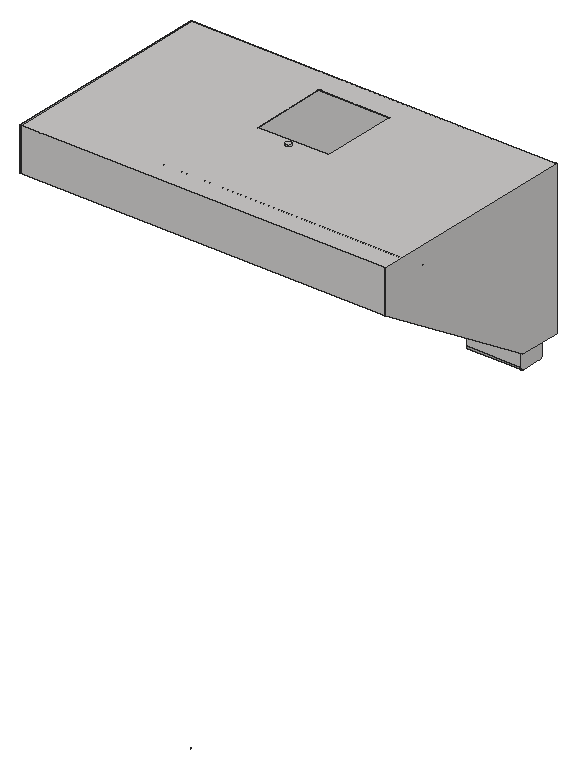
Revit family "QF_ELECTROLUXPROFESSIONAL_644199_AMPV712DT", category Specialty Equipment, Revit 2014
Reference planes
  plane 1: z = 0
  plane 2 "Center (Left/Right)": x = 150
  plane 3 "LEFT": x = -450
  plane 4 "RIGHT": x = 750
  plane 5 "BACK": y = 550
  plane 6 "Plane": z = 2000
  plane 7 "TOP": z = 2140
  plane 8 "Base": z = 1640
  plane 9: z = 1566
  plane 10 "DrainY": y = 485
  plane 11: x = -447
  plane 12: through (0, 414.509, 1640.8) normal (0, 0.7314, 0.682)
  plane 13: y = 470
  plane 14: y = 220
  plane 15 "DrainX": x = 630
  plane 16: x = 33.5
  plane 17: x = 266.5
  plane 18: x = 747
  plane 19: x = 540
  plane 20: x = -410
  plane 21: x = 710
  plane 22: x = -47.5
  plane 23: x = 347.5
  plane 24 "Center (Front/Back)": y = 200
  plane 25 "Front": y = -150
Forms (mm)
  Extrusion 1, solid, material "QF_Finishes_Stainless Steel"
    sketch origin (-450, 0, 0) x (0, 1, 0) y (0, 0, 1)
      loop
        line (550, 1640) -> (550, 2140) -> (-150, 2140) -> (-150, 1999.112) -> (413.973, 1640) -> (550, 1640)
    from 0 to 3
  Extrusion 2, solid, material "QF_Finishes_Stainless Steel"
    sketch origin (150, 0, 0) x (0, 1, 0) y (0, 0, 1)
      loop
        line (415.255, 1640) -> (550, 1640) -> (550, 2139.19) -> (549.2, 2139.19) -> (549.2, 1640.8) -> (415.876, 1640.8) -> (339.347, 1722.867) -> (349.609, 1732.436) -> (348.927, 1733.167) -> (337.934, 1722.917) -> (415.255, 1640)
      loop
        line (-82.203, 2139.19) -> (-82.203, 2118.6) -> (-31.047, 2118.6) -> (34.354, 2048.466) -> (46.028, 2059.352) -> (45.346, 2060.083) -> (34.403, 2049.879) -> (-30.612, 2119.6) -> (-81.203, 2119.6) -> (-81.203, 2139.19) -> (-82.203, 2139.19)
    from -597 to 597
  Extrusion 3, solid, material "QF_Finishes_Stainless Steel"
    sketch origin (750, 0, 0) x (0, 1, 0) y (0, 0, 1)
      loop
        line (550, 1640) -> (550, 2140) -> (-150, 2140) -> (-150, 1999.112) -> (413.973, 1640) -> (550, 1640)
    from 0 to -3
  Extrusion 4, solid, material "QF_Finishes_Stainless Steel"
    sketch origin (150, 0, 0) x (0, 1, 0) y (0, 0, 1)
      loop
        line (-150, 2140) -> (-150, 2000) -> (-149.2, 2000) -> (-149.2, 2139.19) -> (550, 2139.19) -> (550, 2140) -> (-150, 2140)
    from -600 to 600
  Extrusion 5, solid, material "QF_Finishes_Stainless Steel"
    sketch origin (150, 0, 0) x (0, 1, 0) y (0, 0, 1)
      loop
        line (534, 1640) -> (436, 1640) -> (436, 1627) -> (443.5, 1627) -> (443.5, 1576)
        arc (443.5, 1576) -> (446.429, 1568.929) -> (453.5, 1566) r 10
        line (453.5, 1566) -> (516.5, 1566)
        arc (516.5, 1566) -> (523.571, 1568.929) -> (526.5, 1576) r 10
        line (526.5, 1576) -> (526.5, 1627) -> (534, 1627) -> (534, 1640)
    from 390 to 570
  Extrusion 6, solid, material "QF_Finishes_Stainless Steel"
    sketch origin (0, 0, 1640) x (0, 1, 0) y (-1, 0, 0)
      loop
        circle (485, -630) r 20
    from -76 to -74
  Extrusion 7, solid, material "QF_Finished_Chrome"
    sketch origin (150, 0, 0) x (0, 1, 0) y (0, 0, 1)
      loop
        line (337.934, 1722.917) -> (341.591, 1726.327) -> (38.011, 2051.876) -> (34.354, 2048.466) -> (337.934, 1722.917)
    from -197.5 to -560
  Extrusion 8, solid, material "QF_Finishes_Stainless Steel"
    sketch origin (150, 0, 0) x (0, 1, 0) y (0, 0, 1)
      loop
        line (337.934, 1722.917) -> (341.591, 1726.327) -> (38.011, 2051.876) -> (34.354, 2048.466) -> (337.934, 1722.917)
    from 597 to 560
  Extrusion 9, solid, material "QF_Finished_Chrome"
    sketch origin (150, 0, 0) x (0, 1, 0) y (0, 0, 1)
      loop
        line (341.588, 1726.324) -> (38.009, 2051.874) -> (34.354, 2048.466) -> (337.934, 1722.917) -> (341.588, 1726.324)
    from 197.5 to 560
  Extrusion 10, void
    sketch origin (0, 0, 2140) x (0, 1, 0) y (-1, 0, 0)
      loop
        line (470, -266.5) -> (470, -33.5) -> (220, -33.5) -> (220, -266.5) -> (470, -266.5)
    from 0 to -10
  Extrusion 11, solid, material "QF_Finishes_Stainless Steel"
    sketch origin (0, 0, 0) x (1, 0, 0) y (0, 1, 0)
      loop
        line (-450, 550) -> (-450, 549) -> (-449, 549) -> (-449, 550) -> (-450, 550)
    from 0 to 1
  Extrusion 12, solid, material "QF_Finishes_Stainless Steel"
    sketch origin (150, 0, 0) x (0, 1, 0) y (0, 0, 1)
      loop
        line (337.934, 1722.917) -> (341.591, 1726.327) -> (38.011, 2051.876) -> (34.354, 2048.466) -> (337.934, 1722.917)
    from -560 to -597
  Extrusion 13, solid, material "QF_Finishes_Stainless Steel"
    sketch origin (150, 0, 0) x (0, 1, 0) y (0, 0, 1)
      loop
        line (337.934, 1722.917) -> (341.591, 1726.327) -> (38.011, 2051.876) -> (34.354, 2048.466) -> (337.934, 1722.917)
    from 197.5 to -197.5
  Extrusion 14, solid, material "QF_Finishes_Stainless Steel"
    sketch origin (0, 0, 2140) x (0, 1, 0) y (-1, 0, 0)
      loop
        circle (200, -150) r 10
    from 0 to 2
Cuts and joins
  Extrusion 10 cuts Extrusion 4
  joined: Extrusion 2, Extrusion 4
Lines and regions (mm)
  reference lines
    curve 1: line (150, 34.354, 2048.466) -> (150, 34.354, 1888.466)
  symbolic lines, style "SpecialityEquipment", detail levels coarse
    curve 2: line (750, 550, 2140) -> (-450, 550, 2140)
    curve 3: line (-450, 550, 2140) -> (-450, -150, 2140)
    curve 4: line (750, -150, 2140) -> (750, 550, 2140)
    curve 5: line (-450, -150, 2140) -> (750, -150, 2140)
    curve 6: line (266.5, 220, 2140) -> (33.5, 220, 2140)
    curve 7: line (266.5, 470, 2140) -> (266.5, 220, 2140)
    curve 8: line (33.5, 470, 2140) -> (266.5, 470, 2140)
    curve 9: line (33.5, 220, 2140) -> (33.5, 470, 2140)
  symbolic lines, detail levels coarse
    curve 10: line (-450, -150, 2140) -> (750, 550, 2140)
    curve 11: line (-450, 550, 2140) -> (750, -150, 2140)
Dimensions and locks
  plane 3 "LEFT" to plane 4 "RIGHT" = 1200 mm
  equal spacing: plane 3 "LEFT", plane 2 "Center (Left/Right)", plane 4 "RIGHT"
  locked: plane 6 "Plane" to level at 2000
  plane 7 "TOP" to plane 6 "Plane" = 140 mm
  locked: plane 7 "TOP" to plane 8 "Base" at 500
  plane 8 "Base" to plane 9 = 74 mm
  plane 5 "BACK" to plane 10 "DrainY" = 65 mm  (x2)
  plane 3 "LEFT" to plane 11 = 3 mm
  plane 5 "BACK" to plane 13 = 80 mm
  plane 13 to plane 14 = 250 mm  (x2)
  plane 15 "DrainX" to plane 4 "RIGHT" = 120 mm
  plane 18 to plane 4 "RIGHT" = 3 mm
  locked: plane 19 to plane 15 "DrainX" at 90
  plane 13 to plane 5 "BACK" = 80 mm
  locked: plane 3 "LEFT" to plane 20 at 40
  locked: plane 21 to plane 4 "RIGHT" at 40
  locked: plane 22 to plane 23 at 395
  equal spacing: plane 22, plane 2 "Center (Left/Right)", plane 23
  locked: plane 16 to plane 17 at 233
  equal spacing: plane 16, plane 2 "Center (Left/Right)", plane 17
  locked: plane 5 "BACK" to plane 25 "Front" at 700
  equal spacing: plane 5 "BACK", plane 24 "Center (Front/Back)", plane 25 "Front"
  plane 5 "BACK" to plane 25 "Front" = 700 mm
  aligned and locked: level to plane 1
  aligned and locked: Extrusion 2 to Extrusion 1
  aligned and locked: Extrusion 2 to Extrusion 3
  aligned and locked: plane 4 "RIGHT" to Extrusion 4
  aligned and locked: Extrusion 4 to plane 3 "LEFT"
  aligned and locked: plane 18 to Extrusion 8
  aligned and locked: Extrusion 10 to plane 16
  aligned and locked: Extrusion 10 to plane 14
  aligned and locked: Extrusion 10 to plane 13
  aligned and locked: Extrusion 2 to Extrusion 4
  aligned and locked: Extrusion 5 to plane 19
  aligned and locked: Extrusion 8 to plane 21
  aligned and locked: Extrusion 9 to plane 21
  aligned and locked: Extrusion 7 to plane 20
  aligned and locked: Extrusion 12 to plane 11
  aligned and locked: plane 20 to Extrusion 12
  aligned and locked: Extrusion 3 to plane 18
  aligned and locked: Extrusion 10 to plane 17
  aligned and locked: plane 17 to curve 7
  aligned and locked: plane 23 to Extrusion 13
  aligned and locked: Extrusion 13 to plane 22
  aligned and locked: Extrusion 9 to plane 23
Automatic sketch dimensions
  Extrusion 2 sketch curve to plane 12 = 0 mm  (x3)
  Extrusion 2 sketch curve to plane 8 "Base" = 0 mm
  plane 12 to Extrusion 2 sketch curve = 0 mm
  Extrusion 2 sketch curve to plane 5 "BACK" = 0 mm
  Extrusion 2 sketch curve to Extrusion 2 sketch curve = 65.646 mm
  Extrusion 2 sketch curve to Extrusion 2 sketch curve = 0.682 mm  (x2)
  Extrusion 2 sketch curve to Extrusion 2 sketch curve = 10.261 mm
  plane 8 "Base" to Extrusion 2 sketch curve = 82.917 mm
  Extrusion 2 sketch curve to Extrusion 2 sketch curve = 10.942 mm
  Extrusion 2 sketch curve to Extrusion 2 sketch curve = 0.049 mm
  Extrusion 2 sketch curve to plane 7 "TOP" = 20.4 mm
  Extrusion 2 sketch curve to plane 7 "TOP" = 21.4 mm
  Extrusion 2 sketch curve to plane 7 "TOP" = 0.81 mm  (x2)
  Extrusion 2 sketch curve to Extrusion 2 sketch curve = 50.156 mm
  Extrusion 2 sketch curve to Extrusion 2 sketch curve = 1 mm
  plane 8 "Base" to Extrusion 2 sketch curve = 0.8 mm
  Extrusion 2 sketch curve to plane 5 "BACK" = 0.8 mm
  Extrusion 3 sketch curve to plane 8 "Base" = 0 mm
  Extrusion 3 sketch curve to plane 5 "BACK" = 0 mm
  Extrusion 3 sketch curve to plane 7 "TOP" = 0 mm
  plane 13 to Extrusion 3 sketch curve = 56.027 mm
  Extrusion 3 sketch curve to plane 6 "Plane" = 0.888 mm
  Extrusion 4 sketch curve to plane 6 "Plane" = 0 mm
  Extrusion 4 sketch curve to plane 5 "BACK" = 0 mm
  Extrusion 4 sketch curve to plane 7 "TOP" = 0 mm
  Extrusion 4 sketch curve to plane 7 "TOP" = 0.81 mm
  curve 1 to plane 12 = 0 mm
  curve 1 to plane 6 "Plane" = 111.534 mm
  Extrusion 5 sketch curve to plane 8 "Base" = 0 mm
  Extrusion 5 sketch curve to plane 9 = 0 mm
  Extrusion 5 sketch curve to plane 8 "Base" = 13 mm  (x2)
  plane 13 to Extrusion 5 sketch curve = 34 mm
  Extrusion 5 sketch curve to Extrusion 5 sketch curve = 7.5 mm  (x2)
  Extrusion 5 sketch curve to Extrusion 5 sketch curve = 10 mm
  plane 10 "DrainY" to Extrusion 5 sketch curve = 31.5 mm
  Extrusion 5 sketch curve to plane 5 "BACK" = 23.5 mm
  Extrusion 6 sketch curve to plane 10 "DrainY" = 0 mm
  Extrusion 6 sketch curve to plane 15 "DrainX" = 0 mm
  Extrusion 7 sketch curve to plane 12 = 0 mm  (x2)
  Extrusion 7 sketch curve to Extrusion 7 sketch curve = 3.657 mm
  plane 8 "Base" to Extrusion 7 sketch curve = 82.917 mm
  Extrusion 8 sketch curve to plane 12 = 0 mm  (x2)
  Extrusion 8 sketch curve to Extrusion 8 sketch curve = 3.657 mm
  plane 8 "Base" to Extrusion 8 sketch curve = 82.917 mm
  Extrusion 9 sketch curve to plane 12 = 0 mm  (x2)
  Extrusion 9 sketch curve to Extrusion 9 sketch curve = 3.655 mm
  plane 8 "Base" to Extrusion 9 sketch curve = 82.917 mm
  Extrusion 10 sketch curve to plane 14 = 0 mm
  plane 13 to Extrusion 10 sketch curve = 0 mm
  Extrusion 10 sketch curve to plane 17 = 0 mm
  Extrusion 10 sketch curve to plane 16 = 0 mm
  Extrusion 11 sketch curve to plane 3 "LEFT" = 0 mm
  Extrusion 11 sketch curve to plane 5 "BACK" = 0 mm
  plane 3 "LEFT" to Extrusion 11 sketch curve = 1 mm
  Extrusion 11 sketch curve to Extrusion 11 sketch curve = 1 mm
  Extrusion 12 sketch curve to plane 12 = 0 mm  (x2)
  Extrusion 12 sketch curve to Extrusion 12 sketch curve = 3.657 mm
  plane 8 "Base" to Extrusion 12 sketch curve = 82.917 mm
  Extrusion 13 sketch curve to plane 12 = 0 mm  (x2)
  Extrusion 13 sketch curve to Extrusion 13 sketch curve = 3.657 mm
  plane 8 "Base" to Extrusion 13 sketch curve = 82.917 mm
  Extrusion 4 sketch curve to Extrusion 4 sketch curve = 0.8 mm
  plane 6 "Plane" to Extrusion 2 sketch curve = 48.466 mm
  Extrusion 3 sketch curve to plane 14 = 370 mm
  Extrusion 4 sketch curve to plane 14 = 369.2 mm
  curve 1 to plane 14 = 185.646 mm
  plane 6 "Plane" to Extrusion 7 sketch curve = 51.876 mm
  plane 6 "Plane" to Extrusion 8 sketch curve = 51.876 mm
  plane 6 "Plane" to Extrusion 9 sketch curve = 51.874 mm
  plane 6 "Plane" to Extrusion 12 sketch curve = 51.876 mm
  plane 6 "Plane" to Extrusion 13 sketch curve = 51.876 mm
  Extrusion 1 sketch curve to plane 25 "Front" = 0 mm
  Extrusion 1 sketch curve to plane 8 "Base" = 0 mm
  Extrusion 1 sketch curve to plane 5 "BACK" = 0 mm
  Extrusion 1 sketch curve to plane 7 "TOP" = 0 mm
  plane 13 to Extrusion 1 sketch curve = 56.027 mm
  Extrusion 1 sketch curve to plane 6 "Plane" = 0.888 mm
  Extrusion 14 sketch curve to plane 2 "Center (Left/Right)" = 0 mm
  Extrusion 14 sketch curve to plane 24 "Center (Front/Back)" = 0 mm
  curve 10 to plane 3 "LEFT" = 0 mm
  curve 10 to plane 25 "Front" = 0 mm
  curve 7 to plane 14 = 0 mm
  plane 13 to curve 7 = 0 mm
  curve 3 to plane 5 "BACK" = 0 mm
  curve 2 to plane 4 "RIGHT" = 0 mm
  curve 6 to plane 16 = 0 mm
  radius of Extrusion 6 sketch curve = 20 mm
  radius of Extrusion 14 sketch curve = 10 mm
Connectors
  piping at (630, 485, 1564), diameter 20
    settings: on Extrusion 6, index 1, connector inside diameter 609.6 mm, connector length 0 mm, flow factor 0, pipe flow 0.0 L/s, pressure drop 0.0 Pa, fitting loss kfactor 0, connector angle 0.00°, fixture units 0, engagement length 0 mm, angle of deflection 0.00°, flow configuration 1, flow direction 2, fitting loss method 0, system type 16, joint type 0, gender type 0, connector reference index -1, connector utility 0, adjustable connector no, is connector primary yes, connector description "Drain"
  hvac at (150, 345, 2140)
    settings: on Extrusion 10, index 2, duct flow 0.0 L/s, flow factor 0, pres drop 0.0 Pa, loss coef 0, conn angle 0.00°, conn width 250 mm, conn height 233 mm, conn diameter 609.6 mm, duct sys type 3, conn prof type 1, flow config 0, flow direction 2, loss method 0, conn ref index -1, conn util no, is conn primary yes, conn desc "EXHAUST OUTLET"
  electrical at (150, 200, 2142)
    settings: on Extrusion 14, index 3, voltage 0 V, apparent load 0 VA, apparent load phase1 0 VA, apparent load phase2 0 VA, apparent load phase3 0 VA, power factor 1, load classification "Other", number of poles 1, system type 30, power factor state 1, is connector primary yes, connector utility no, sub classification motor no, connector description "Electrical Connection"
